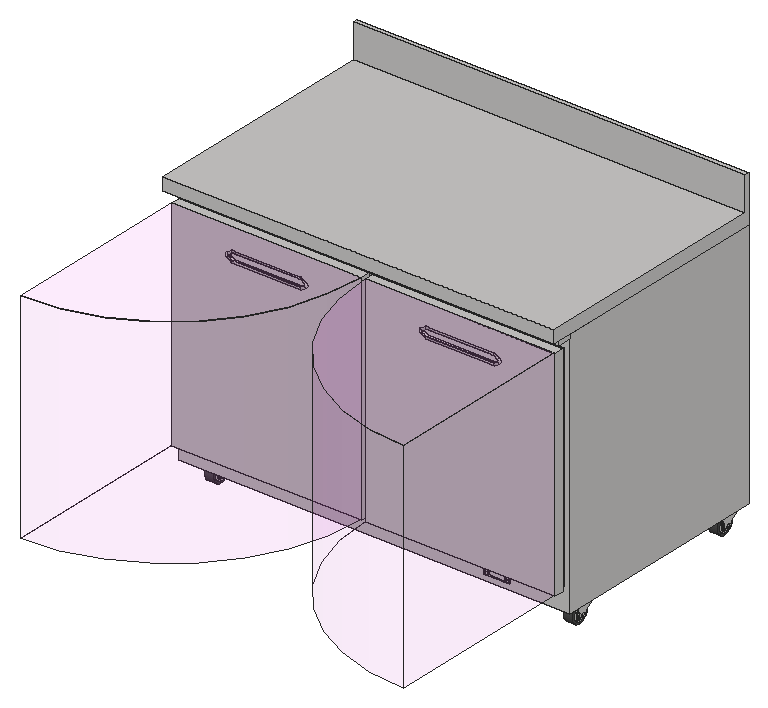
Revit family "QF_Kelvinator_738300_KCHUCWT48R_2-Door_Refrigerated_Work_Top_48_Long", category Specialty Equipment, Revit 2021
Family settings
  Round Connector Dimension = Use Diameter
  Part Type = Normal
  Work Plane-Based = No
  Always vertical = Yes
  Cut with Voids When Loaded = No
  Shared = No
  Room Calculation Point = No
Parameters
  Weight in Pounds = 213.848
  Watts = 300 W
  Volts = 115 V
  URL Cutsheet = ""
  Specification by User = ""
  Specification by Manufacturer = ""
  Serial Number = ""
  Seismic Rating = ""
  SMACNA No = ""
  Revision Code = ""
  Refrigerant Type = "R600a"
  Phase = 1
  Number of Poles = 1
  NAFEM Spec ID Number = ""
  Model = "738300 (KCHUCWT48R)"
  Min Ckt Ampacity = 0 A
  Max Overcurrent Protection = 0 A
  Masterspec = ""
  Manufacturer = "Kelvinator Commercial"
  Length = 48.228"
  Item Number = "738300"
  Installed By = ""
  Identify Quantity as Lot = yes
  Height = 39.646"
  HP = "1/8"
  Furnished By = ""
  Foodservice Equipment Identifier = yes
  FL Amps = 3 A
  Electrical Remarks = ""
  Electric Connection Type = ""
  Elec Conn RI Height = 0.000"
  Elec Conn Connection Height = 0.000"
  Description = "2-Door Refrigerated Work Top 48\" Long"
  Depth = 29.921"
  Default Elevation = 0.000"
  Cycle = 60 Hz
  Conn Plug = "5-15P"
  Conn Conduit = yes
  CSI MasterFormat = ""
  Apparent Power = 0 VA
Reference planes (in)
  plane 1 "BACK": y = 0
  plane 2: z = 0
  plane 3 "LEFT": x = 0
  plane 4 "RIGHT": x = 48.228
  plane 5 "FRONT": y = -29.921
  plane 6 "TOP": z = 39.646
  plane 7 "Center Y": x = 24.114
  plane 8 "Center X": y = -14.9605
Dimensions and locks (in)
  equal spacing: plane 3 "LEFT", plane 7 "Center Y", plane 4 "RIGHT"
  "Length": plane 3 "LEFT" to plane 4 "RIGHT"
  equal spacing: plane 5 "FRONT", plane 8 "Center X", plane 1 "BACK"
  "Depth": plane 5 "FRONT" to plane 1 "BACK"
  "Height": plane 6 "TOP" to level
  aligned and locked: level to plane 2
Nested families (in)
  nested 1: "KCHST.0001" at (0, 0, 0), type "KCHST.0001"
    with Show Clearance yes
Connectors (in)
  electrical at (24.103, -0.87772, 2.31881), driven by "Volts", driven by "Watts"
    settings: on nested 1, index 1, voltage 115 V, apparent load 300 VA, apparent load phase1 0 VA, apparent load phase2 0 VA, apparent load phase3 0 VA, power factor 1, load classification "Other", number of poles 1, system type 30, power factor state 1, is connector primary yes, connector utility no, sub classification motor no, connector description ""
Definition of nested family "KCHST.0001"
  Parameters (values of type "KCHST.0001")
    Weight in Pounds = 0
    URL Cutsheet = ""
    Specification by User = ""
    Specification by Manufacturer = ""
    Show Clearance [instance] = yes
    Serial Number = ""
    Seismic Rating = ""
    SMACNA No = ""
    Revision Code = ""
    NAFEM Spec ID Number = ""
    Masterspec = ""
    Length = 48.228"
    Item Number = ""
    Installed By = ""
    Identify Quantity as Lot = yes
    Height = 39.646"
    Furnished By = ""
    Foodservice Equipment Identifier = yes
    Depth = 29.921"
    Default Elevation = 0.000"
    CSI MasterFormat = ""
  Reference planes (in)
    plane 1 "BACK": y = 0
    plane 2: z = 0
    plane 3 "LEFT": x = 0
    plane 4 "RIGHT": x = 48.228
    plane 5 "FRONT": y = -29.921
    plane 6 "TOP": z = 39.646
    plane 7 "Center Y": x = 24.114
    plane 8 "Center X": y = -14.9605
    plane 9: z = 3.1
    plane 10: z = 33.9
    plane 11: y = -56
    plane 12: y = -29.2
    plane 13: z = 32.4
    plane 14: z = 5.6
    plane 15: y = -27.5
    plane 16: x = 46.228
    plane 17: x = 2
    plane 18: x = 47.728
    plane 19: x = 0.5
    plane 20: z = 35.5
    plane 21: y = -27.2
    plane 22: x = 23.875
    plane 23: x = 24.375
    plane 24: x = 12.19362
  Forms (in)
    Extrusion 1, solid
      sketch origin (0, 0, 0) x (0, 1, 0) y (0, 0, 1)
        loop
          line (-27.5, 33.9) -> (-27.5, 3.1) -> (0, 3.1) -> (0, 33.9) -> (-27.5, 33.9)
      from 0 to 48.228
    Extrusion 2, solid
      sketch origin (0, 0, 0) x (0, 1, 0) y (0, 0, 1)
        loop
          line (-0.48673, 39.646) -> (-0.48673, 35.5) -> (-29.921, 35.5) -> (-29.921, 33.9) -> (0, 33.9) -> (0, 39.646) -> (-0.48673, 39.646)
      from 0 to 48.228
    Extrusion 3, solid
      sketch origin (0, 0, 0) x (0, 1, 0) y (0, 0, 1)
        loop
          line (-29.2, 33.9) -> (-29.2, 33.4) -> (-27.5, 33.4) -> (-27.5, 33.9) -> (-29.2, 33.9)
      from 0 to 48.228
    Extrusion 4, solid
      sketch origin (24.114, 6.90541, 48) x (0, 1, 0) y (0, 0, 1)
        loop
          line (-36.10541, -15.6) -> (-36.10541, -42.4) -> (-34.95211, -42.4) -> (-34.95211, -15.6) -> (-36.10541, -15.6)
      from -0.25 to -23.614
    Extrusion 5, solid
      sketch origin (0, 0, 0) x (0, 1, 0) y (0, 0, 1)
        loop
          line (-28.04671, 32.20449) -> (-28.04671, 5.81322) -> (-27.79671, 5.81322) -> (-27.79671, 32.20449) -> (-28.04671, 32.20449)
      from 0.74536 to 23.64188
    Extrusion 6, solid
      sketch origin (0, 0.25, 0) x (0, 1, 0) y (0, 0, 1)
        loop
          line (-28.04671, 32.20449) -> (-28.04671, 5.81322) -> (-27.864, 5.81322) -> (-27.864, 32.20449) -> (-28.04671, 32.20449)
      from 0.74536 to 23.64188
    Extrusion 7, solid
      sketch origin (0, 0.4327, 0) x (0, 1, 0) y (0, 0, 1)
        loop
          line (-28.04671, 32.20449) -> (-28.04671, 5.81322) -> (-27.9327, 5.81322) -> (-27.9327, 32.20449) -> (-28.04671, 32.20449)
      from 0.74536 to 23.64188
    Extrusion 8, solid
      sketch origin (-4.97957, -27.5, -4.77927) x (-1, 0, 0) y (0, 0, 1)
        loop
          line (-42.65333, 9.70772) -> (-45.80293, 9.70772) -> (-45.80293, 8.52662) -> (-42.65333, 8.52662) -> (-42.65333, 9.70772)
        loop
          line (-42.73207, 9.63107) -> (-43.12577, 9.63107) -> (-43.12577, 9.31193) -> (-42.73207, 9.31193) -> (-42.73207, 9.63107)
        loop
          line (-42.73207, 9.27674) -> (-43.12577, 9.27674) -> (-43.12577, 8.9576) -> (-42.73207, 8.9576) -> (-42.73207, 9.27674)
        loop
          line (-42.73207, 8.92241) -> (-43.12577, 8.92241) -> (-43.12577, 8.60327) -> (-42.73207, 8.60327) -> (-42.73207, 8.92241)
        loop
          line (-45.72419, 9.63107) -> (-45.72419, 9.31193) -> (-45.33049, 9.31193) -> (-45.33049, 9.63107) -> (-45.72419, 9.63107)
        loop
          line (-45.72419, 9.27674) -> (-45.72419, 8.9576) -> (-45.33049, 8.9576) -> (-45.33049, 9.27674) -> (-45.72419, 9.27674)
        loop
          line (-45.72419, 8.92241) -> (-45.72419, 8.60327) -> (-45.33049, 8.60327) -> (-45.33049, 8.92241) -> (-45.72419, 8.92241)
        loop
          line (-43.20325, 9.63107) -> (-45.25301, 9.63107) -> (-45.25301, 8.60716) -> (-43.20325, 8.60716) -> (-43.20325, 9.63107)
      from 0.07874 to -0.04602
    Extrusion 9, solid
      sketch origin (-4.97957, -27.54602, -4.77927) x (1, 0, 0) y (0, 0, 1)
        loop
          line (45.33049, 9.63107) -> (45.33049, 9.31193) -> (45.72419, 9.31193) -> (45.72419, 9.63107) -> (45.33049, 9.63107)
        loop
          line (45.33049, 9.27674) -> (45.33049, 8.9576) -> (45.72419, 8.9576) -> (45.72419, 9.27674) -> (45.33049, 9.27674)
        loop
          line (45.33049, 8.92241) -> (45.33049, 8.60327) -> (45.72419, 8.60327) -> (45.72419, 8.92241) -> (45.33049, 8.92241)
        loop
          line (43.12577, 9.63107) -> (42.73207, 9.63107) -> (42.73207, 9.31193) -> (43.12577, 9.31193) -> (43.12577, 9.63107)
        loop
          line (43.12577, 9.27674) -> (42.73207, 9.27674) -> (42.73207, 8.9576) -> (43.12577, 8.9576) -> (43.12577, 9.27674)
        loop
          line (43.12577, 8.92241) -> (42.73207, 8.92241) -> (42.73207, 8.60327) -> (43.12577, 8.60327) -> (43.12577, 8.92241)
      from 0 to -0.07874
    Extrusion 10, solid
      sketch origin (-4.97957, -27.54602, -4.77927) x (1, 0, 0) y (0, 0, 1)
        loop
          line (43.20325, 9.63107) -> (43.20325, 8.60716) -> (45.25301, 8.60716) -> (45.25301, 9.63107) -> (43.20325, 9.63107)
      from 0 to -0.07874
    Extrusion 11, void
      sketch origin (-4.97957, -27.5, -4.77927) x (-1, 0, 0) y (0, 0, 1)
        loop
          line (-42.65333, 9.70772) -> (-45.80293, 9.70772) -> (-45.80293, 8.52662) -> (-42.65333, 8.52662) -> (-42.65333, 9.70772)
      from 0 to 0.07874
    Extrusion 12, void
      sketch origin (-37.39706, -29.19996, 31.5181) x (0, 0, 1) y (1, 0, 0)
        loop
          line (-1.94791, 45.41568) -> (-1.94791, 53.76568) -> (-2.28604, 54.30668)
          arc (-2.28604, 54.30668) -> (-2.38541, 54.36176) -> (-2.48479, 54.30668) r 0.11719
          line (-2.48479, 54.30668) -> (-2.82291, 53.76568) -> (-2.82291, 45.41568) -> (-2.48621, 44.87696)
          arc (-2.48621, 44.87696) -> (-2.38541, 44.82109) -> (-2.28462, 44.87696) r 0.11887
          line (-2.28462, 44.87696) -> (-1.94791, 45.41568)
      from 0 to 0.31887
    Sweep 13, solid
      path origin (-37.39706, -26.39996, 31.5181) x (0, 0, -1) y (1, 0, 0)
        loop
          line (2.82291, 53.76568) -> (2.48479, 54.30668)
          arc (2.48479, 54.30668) -> (2.38541, 54.36176) -> (2.28604, 54.30668) r 0.11719
          line (2.28604, 54.30668) -> (1.94791, 53.76568) -> (1.94791, 45.41568) -> (2.28462, 44.87696)
          arc (2.28462, 44.87696) -> (2.38541, 44.82109) -> (2.48621, 44.87696) r 0.11887
          line (2.48621, 44.87696) -> (2.82291, 45.41568) -> (2.82291, 53.76568)
      profile origin (12.19362, -26.39996, 28.69519) x (0, 0, -1) y (0, -1, 0)
        loop
          line (0, 2.8) -> (0.25, 2.8)
          arc (0.25, 2.8) -> (0.125, 2.85269) -> (0, 2.8) r 0.17461
    Extrusion 14, solid
      sketch origin (-9.65625, -3.56521, 3.1) x (-1, 0, 0) y (0, 1, 0)
        loop
          circle (-33.75925, 2.68749) r 0.25
      from 0 to 0.78119
    Extrusion 15, solid
      sketch origin (24.114, 6.90541, 48) x (0, 1, 0) y (0, 0, -1)
        loop
          line (-36.10541, 15.6) -> (-34.95211, 15.6) -> (-34.95211, 42.4) -> (-36.10541, 42.4) -> (-36.10541, 15.6)
      from -0.25 to -23.625
    Extrusion 16, solid
      sketch origin (48.25, 0, 0) x (0, 1, 0) y (0, 0, -1)
        loop
          line (-28.04671, -32.20449) -> (-27.79671, -32.20449) -> (-27.79671, -5.81322) -> (-28.04671, -5.81322) -> (-28.04671, -32.20449)
      from 0.74536 to 23.64188
    Extrusion 17, solid
      sketch origin (48.25, 0.25, 0) x (0, 1, 0) y (0, 0, -1)
        loop
          line (-28.04671, -32.20449) -> (-27.864, -32.20449) -> (-27.864, -5.81322) -> (-28.04671, -5.81322) -> (-28.04671, -32.20449)
      from 0.74536 to 23.64188
    Extrusion 18, solid
      sketch origin (48.25, 0.4327, 0) x (0, 1, 0) y (0, 0, -1)
        loop
          line (-28.04671, -32.20449) -> (-27.9327, -32.20449) -> (-27.9327, -5.81322) -> (-28.04671, -5.81322) -> (-28.04671, -32.20449)
      from 0.74536 to 23.64188
    Extrusion 19, void
      sketch origin (85.64706, -29.19996, 31.5181) x (0, 0, 1) y (1, 0, 0)
        loop
          line (-1.94791, -45.43768) -> (-2.28462, -44.89896)
          arc (-2.28462, -44.89896) -> (-2.38541, -44.84309) -> (-2.48621, -44.89896) r 0.11887
          line (-2.48621, -44.89896) -> (-2.82291, -45.43768) -> (-2.82291, -53.76568) -> (-2.48479, -54.30668)
          arc (-2.48479, -54.30668) -> (-2.38541, -54.36176) -> (-2.28604, -54.30668) r 0.11719
          line (-2.28604, -54.30668) -> (-1.94791, -53.76568) -> (-1.94791, -45.43768)
      from 0 to 0.31887
    Sweep 20, solid
      path origin (85.64706, -26.39996, 31.5181) x (0, 0, -1) y (1, 0, 0)
        loop
          line (2.82291, -53.76568) -> (2.82291, -45.43768) -> (2.48621, -44.89896)
          arc (2.48621, -44.89896) -> (2.38541, -44.84309) -> (2.28462, -44.89896) r 0.11887
          line (2.28462, -44.89896) -> (1.94791, -45.43768) -> (1.94791, -53.76568) -> (2.28604, -54.30668)
          arc (2.28604, -54.30668) -> (2.38541, -54.36176) -> (2.48479, -54.30668) r 0.11719
          line (2.48479, -54.30668) -> (2.82291, -53.76568)
      profile origin (36.04538, -26.39996, 28.69519) x (0, 0, 1) y (0, -1, 0)
        loop
          arc (0, 2.8) -> (-0.125, 2.85269) -> (-0.25, 2.8) r 0.17461
          line (-0.25, 2.8) -> (0, 2.8)
    Extrusion 21, solid, visible <- "Show Clearance"
      sketch origin (0, 9.61225, 5.6) x (1, 0, 0) y (0, -1, 0)
        loop
          arc (23.875, 38.81225) -> (17.02862, 55.34087) -> (0.5, 62.18725) r 23.375
          line (0.5, 62.18725) -> (0.5, 38.81225) -> (23.875, 38.81225)
        loop
          line (24.375, 38.81225) -> (47.728, 38.81225) -> (47.728, 62.16525)
          arc (47.728, 62.16525) -> (31.21494, 55.32532) -> (24.375, 38.81225) r 23.353
      from 0 to -26.8
  Cuts and joins
    Extrusion 11 cuts Extrusion 8
    Extrusion 12, Extrusion 19 cuts Extrusion 4
    Extrusion 19 cuts Extrusion 15
  Lines and regions (in)
    symbolic lines
      curve 1: line (48.228, -29.921, 0) -> (48.228, 0, 0)
      curve 2: line (48.228, 0, 0) -> (0, 0, 0)
      curve 3: line (0, 0, 0) -> (0, -29.921, 0)
      curve 4: line (0, -29.921, 0) -> (48.228, -29.921, 0)
      curve 5: line (0, -0.48673, 0) -> (48.228, -0.48673, 0)
    symbolic lines, visible <- "Show Clearance"
      curve 6: arc (23.85524, -29.921, 0) -> (22.88671, -35.89494, 0) -> (20.41644, -41.41976, 0) r 23.36637
      curve 7: arc (27.83356, -41.42908, 0) -> (25.35743, -35.90048, 0) -> (24.38664, -29.921, 0) r 23.3525
      curve 8: line (0.5, -29.921, 0) -> (20.41644, -41.41976, 0)
      curve 9: line (47.728, -29.921, 0) -> (27.83356, -41.42908, 0)
  Dimensions and locks (in)
    equal spacing: plane 3 "LEFT", plane 7 "Center Y", plane 4 "RIGHT"
    "Length": plane 3 "LEFT" to plane 4 "RIGHT"
    equal spacing: plane 5 "FRONT", plane 8 "Center X", plane 1 "BACK"
    "Depth": plane 5 "FRONT" to plane 1 "BACK"
    "Height": plane 6 "TOP" to level
    level to plane 9 = 3.100"
    plane 10 to plane 9 = 30.800"
    plane 11 to plane 1 "BACK" = 56.000"
    plane 14 to plane 13 = 26.800"
    locked: plane 4 "RIGHT" to plane 16 at 2
    locked: plane 3 "LEFT" to plane 17 at 2
    locked: plane 19 to plane 3 "LEFT" at 0.5
    locked: plane 18 to plane 4 "RIGHT" at 0.5
    plane 3 "LEFT" to plane 4 "RIGHT" = 48.228"
    plane 20 to level = 35.500"
    plane 6 "TOP" to plane 20 = 4.146"
    plane 5 "FRONT" to plane 1 "BACK" = 29.921"
    plane 21 to plane 1 "BACK" = 27.200"
    plane 9 to plane 20 = 32.400"
    aligned and locked: level to plane 2
    aligned and locked: plane 16 to nested 1
    aligned and locked: nested 2 to plane 17
    aligned and locked: Extrusion 1 to plane 4 "RIGHT"
    aligned and locked: plane 4 "RIGHT" to Extrusion 1
    aligned and locked: Extrusion 3 to plane 4 "RIGHT"
    aligned and locked: Extrusion 2 to plane 4 "RIGHT"
    aligned and locked: cut or joined group of Extrusion 4, Extrusion 12, Extrusion 19 to plane 19
    aligned and locked: plane 16 to nested 3
    aligned and locked: Extrusion 6 to Extrusion 5
    aligned and locked: Extrusion 7 to Extrusion 5
    aligned and locked: Extrusion 17 to Extrusion 16
    aligned and locked: Extrusion 18 to Extrusion 16
  Automatic sketch dimensions
    plane 9 to Extrusion 1 sketch curve = 0.000"
    Extrusion 1 sketch curve to plane 15 = 0.000"
    Extrusion 1 sketch curve to plane 1 "BACK" = 0.000"
    Extrusion 1 sketch curve to plane 10 = 0.000"
    Extrusion 2 sketch curve to plane 5 "FRONT" = 0.000"
    Extrusion 2 sketch curve to plane 20 = 0.000"
    Extrusion 2 sketch curve to plane 6 "TOP" = 0.000"
    Extrusion 2 sketch curve to plane 1 "BACK" = 0.000"
    Extrusion 2 sketch curve to plane 10 = 0.000"
    plane 1 "BACK" to Extrusion 2 sketch curve = 0.48673"
    Extrusion 3 sketch curve to plane 10 = 0.000"
    Extrusion 3 sketch curve to plane 12 = 0.000"
    Extrusion 3 sketch curve to plane 15 = 0.000"
    Extrusion 3 sketch curve to Extrusion 3 sketch curve = 0.500"
    Extrusion 4 sketch curve to plane 12 = 0.000"
    plane 14 to Extrusion 4 sketch curve = 0.000"
    plane 13 to Extrusion 4 sketch curve = 0.000"
    Extrusion 4 sketch curve to plane 15 = 0.54671"
    Extrusion 5 sketch curve to plane 14 = 0.21322"
    Extrusion 5 sketch curve to plane 15 = 0.54671"
    Extrusion 5 sketch curve to Extrusion 5 sketch curve = 0.250"
    plane 13 to Extrusion 5 sketch curve = 0.19551"
    Extrusion 6 sketch curve to plane 15 = 0.29671"
    Extrusion 6 sketch curve to plane 15 = 0.114"
    Extrusion 6 sketch curve to plane 14 = 0.21322"
    plane 13 to Extrusion 6 sketch curve = 0.19551"
    Extrusion 7 sketch curve to plane 15 = 0.000"
    Extrusion 7 sketch curve to Extrusion 7 sketch curve = 0.114"
    Extrusion 7 sketch curve to plane 14 = 0.21322"
    plane 13 to Extrusion 7 sketch curve = 0.19551"
    plane 14 to Extrusion 8 sketch curve = 0.67154"
    Extrusion 8 sketch curve to plane 16 = 5.40464"
    Extrusion 8 sketch curve to Extrusion 8 sketch curve = 0.07874"  (x3)
    Extrusion 8 sketch curve to Extrusion 8 sketch curve = 0.000"  (x7)
    Extrusion 8 sketch curve to Extrusion 8 sketch curve = 0.3937"  (x2)
    Extrusion 8 sketch curve to Extrusion 8 sketch curve = 0.07748"  (x3)
    Extrusion 8 sketch curve to plane 9 = 0.72789"
    Extrusion 8 sketch curve to Extrusion 8 sketch curve = 2.04976"
    Extrusion 8 sketch curve to Extrusion 8 sketch curve = 0.00389"  (x2)
    Extrusion 8 sketch curve to Extrusion 8 sketch curve = 0.07665"  (x3)
    Extrusion 8 sketch curve to Extrusion 8 sketch curve = 0.31914"  (x4)
    Extrusion 8 sketch curve to Extrusion 8 sketch curve = 0.03519"  (x4)
    Extrusion 8 to Extrusion 9 sketch curve = 0.000"  (x10)
    Extrusion 9 sketch curve to Extrusion 8 = 0.000"  (x14)
    Extrusion 10 sketch curve to Extrusion 8 = 0.000"  (x3)
    Extrusion 8 to Extrusion 10 sketch curve = 0.000"
    plane 14 to Extrusion 11 sketch curve = 0.67154"
    Extrusion 11 sketch curve to plane 16 = 5.40464"
    Extrusion 11 sketch curve to plane 9 = 0.64735"
    Extrusion 11 sketch curve to Extrusion 11 sketch curve = 3.14961"
    plane 13 to Extrusion 12 sketch curve = 3.70481"
    Extrusion 12 sketch curve to Extrusion 12 sketch curve = 0.3367"
    Extrusion 12 sketch curve to Extrusion 12 sketch curve = 0.33813"  (x2)
    Extrusion 12 sketch curve to Extrusion 12 sketch curve = 0.09937"  (x2)
    Extrusion 12 sketch curve to Extrusion 12 sketch curve = 0.1008"  (x2)
    Extrusion 12 sketch curve to plane 24 = 4.71372"
    Extrusion 12 sketch curve to Extrusion 12 sketch curve = 0.063"
    Extrusion 12 sketch curve to Extrusion 12 sketch curve = 0.53872"  (x2)
    plane 24 to Extrusion 12 sketch curve = 4.175"
    Extrusion 12 sketch curve to Extrusion 12 sketch curve = 0.000"
    Extrusion 12 sketch curve to Extrusion 12 sketch curve = 0.47889"
    Extrusion 12 sketch curve to Extrusion 12 sketch curve = 0.06211"
    plane 13 to Sweep 13 sketch curve = 2.82981"
    Sweep 13 sketch curve to Sweep 13 sketch curve = 0.3367"
    Sweep 13 sketch curve to Sweep 13 sketch curve = 0.33813"  (x2)
    Sweep 13 sketch curve to Sweep 13 sketch curve = 0.09937"  (x2)
    Sweep 13 sketch curve to Sweep 13 sketch curve = 0.1008"  (x2)
    Sweep 13 sketch curve to plane 24 = 4.71372"
    Sweep 13 sketch curve to Sweep 13 sketch curve = 0.063"
    Sweep 13 sketch curve to Sweep 13 sketch curve = 0.53872"  (x2)
    plane 24 to Sweep 13 sketch curve = 4.175"
    Sweep 13 sketch curve to Sweep 13 sketch curve = 0.000"
    Sweep 13 sketch curve to Sweep 13 sketch curve = 0.47889"
    Sweep 13 sketch curve to Sweep 13 sketch curve = 0.06211"
    Sweep 13 sketch curve to profile plane = 0.000"
    Sweep 13 sketch curve to profile plane = 0.125"
    profile plane to Sweep 13 sketch curve = 2.67809"
    Sweep 13 sketch curve to Sweep 13 sketch curve = 0.12191"
    Extrusion 15 sketch curve to plane 12 = 0.000"
    plane 14 to Extrusion 15 sketch curve = 0.000"
    plane 13 to Extrusion 15 sketch curve = 0.000"
    Extrusion 15 sketch curve to plane 15 = 0.54671"
    Extrusion 16 sketch curve to plane 14 = 0.21322"
    Extrusion 16 sketch curve to plane 15 = 0.54671"
    Extrusion 16 sketch curve to Extrusion 16 sketch curve = 0.250"
    plane 13 to Extrusion 16 sketch curve = 0.19551"
    Extrusion 17 sketch curve to plane 15 = 0.29671"
    Extrusion 17 sketch curve to plane 15 = 0.114"
    plane 13 to Extrusion 17 sketch curve = 0.19551"
    Extrusion 17 sketch curve to plane 14 = 0.21322"
    Extrusion 18 sketch curve to plane 15 = 0.000"
    Extrusion 18 sketch curve to Extrusion 18 sketch curve = 0.114"
    plane 13 to Extrusion 18 sketch curve = 0.19551"
    Extrusion 18 sketch curve to plane 14 = 0.21322"
    plane 13 to Extrusion 19 sketch curve = 3.70481"
    Extrusion 19 sketch curve to Extrusion 19 sketch curve = 0.3367"
    Extrusion 19 sketch curve to Extrusion 19 sketch curve = 0.33813"  (x2)
    Extrusion 19 sketch curve to Extrusion 19 sketch curve = 0.09937"  (x2)
    Extrusion 19 sketch curve to Extrusion 19 sketch curve = 0.1008"  (x2)
    Extrusion 19 sketch curve to plane 23 = 6.96538"
    Extrusion 19 sketch curve to Extrusion 19 sketch curve = 0.06211"
    Extrusion 19 sketch curve to Extrusion 19 sketch curve = 0.541"  (x2)
    Extrusion 19 sketch curve to plane 16 = 6.01862"
    Extrusion 19 sketch curve to Extrusion 19 sketch curve = 0.000"
    Extrusion 19 sketch curve to Extrusion 19 sketch curve = 0.47572"
    Extrusion 19 sketch curve to Extrusion 19 sketch curve = 0.063"
    plane 13 to Sweep 20 sketch curve = 2.82981"
    Sweep 20 sketch curve to Sweep 20 sketch curve = 0.3367"
    Sweep 20 sketch curve to Sweep 20 sketch curve = 0.33813"  (x2)
    Sweep 20 sketch curve to Sweep 20 sketch curve = 0.09937"  (x2)
    Sweep 20 sketch curve to Sweep 20 sketch curve = 0.1008"  (x2)
    Sweep 20 sketch curve to plane 23 = 6.96538"
    Sweep 20 sketch curve to Sweep 20 sketch curve = 0.06211"
    Sweep 20 sketch curve to Sweep 20 sketch curve = 0.541"  (x2)
    Sweep 20 sketch curve to plane 16 = 6.01862"
    Sweep 20 sketch curve to Sweep 20 sketch curve = 0.000"
    Sweep 20 sketch curve to Sweep 20 sketch curve = 0.47572"
    Sweep 20 sketch curve to Sweep 20 sketch curve = 0.063"
    profile plane to Sweep 20 sketch curve = 0.000"
    profile plane to Sweep 20 sketch curve = 0.125"
    profile plane to Sweep 20 sketch curve = 2.67809"
    Sweep 20 sketch curve to Sweep 20 sketch curve = 0.12191"
    Extrusion 1 to Extrusion 14 sketch curve = 0.87772"
    Extrusion 14 sketch curve to Extrusion 1 = 24.125"
    Extrusion 21 sketch curve to plane 12 = 0.000"  (x2)
    Extrusion 21 sketch curve to plane 19 = 0.000"
    Extrusion 21 sketch curve to plane 22 = 0.000"
    Extrusion 21 sketch curve to plane 23 = 0.000"
    Extrusion 21 sketch curve to plane 18 = 0.000"
    curve 5 to plane 3 "LEFT" = 0.000"
    plane 5 "FRONT" to curve 8 = 0.000"
    curve 8 to plane 19 = 0.000"
    curve 6 to plane 12 = 0.000"
    curve 6 to plane 19 = 0.000"
    curve 7 to plane 12 = 0.000"
    curve 7 to plane 18 = 0.000"
    curve 9 to plane 18 = 0.000"
    plane 1 "BACK" to curve 2 = 0.000"
    curve 2 to plane 4 "RIGHT" = 0.000"
    curve 8 to plane 22 = 3.45856"
    plane 5 "FRONT" to curve 8 = 11.49876"
    curve 7 to plane 23 = 0.01164"
    curve 9 to plane 23 = 3.45856"
    plane 1 "BACK" to curve 5 = 0.48673"
    radius of Extrusion 14 sketch curve = 0.250"
  Nested families (in)
    nested 1: "3 INCHES 01_CASTER" at (46.228, -24.75, 0), type "3 INCHES 01_CASTER"
      with Type Mark "", Specification by User "", Revision Code "", Item Number "", Installed By "", Identify Quantity as Lot yes, Furnished By "", Foodservice Equipment Identifier yes, 3 Inches Caster yes
    nested 2: "3 INCHES 01_CASTER" at (2, -24.75, 0), type "3 INCHES 01_CASTER"
      with Type Mark "", Specification by User "", Revision Code "", Item Number "", Installed By "", Identify Quantity as Lot yes, Furnished By "", Foodservice Equipment Identifier yes, 3 Inches Caster yes
    nested 3: "3 INCHES 01_CASTER" at (46.228, -2.375, 0), type "3 INCHES 01_CASTER"
      with Type Mark "", Specification by User "", Revision Code "", Item Number "", Installed By "", Identify Quantity as Lot yes, Furnished By "", Foodservice Equipment Identifier yes, 3 Inches Caster yes
    nested 4: "3 INCHES 01_CASTER" at (2, -2.375, 0), type "3 INCHES 01_CASTER"
      with Type Mark "", Specification by User "", Revision Code "", Item Number "", Installed By "", Identify Quantity as Lot yes, Furnished By "", Foodservice Equipment Identifier yes, 3 Inches Caster yes
  Definition of nested family "3 INCHES 01_CASTER"
    Parameters (values of type "3 INCHES 01_CASTER")
      Weight = ""
      URL Manufacturer = ""
      URL Cutsheet = ""
      URL = ""
      Type Mark [instance] = ""
      Specification by User [instance] = ""
      Specification by Manufacturer = ""
      Serial Number = ""
      Seismic Rating = ""
      SMACNA No = ""
      Revision Code [instance] = ""
      Omniclass Number and Title = ""
      NAFEM Spec ID Number = ""
      Model = ""
      MasterSpec. = ""
      Manufacturer = ""
      Item Number [instance] = ""
      Installed By [instance] = ""
      Identify Quantity as Lot [instance] = yes
      Furnished By [instance] = ""
      Foodservice Equipment Identifier [instance] = yes
      Description = ""
      Default Elevation = 0.000"
      CSI MasterFormat = ""
      CSI Master Format = ""
      Assembly Code = ""
      3 Inches Caster [instance] = yes
    Reference planes (in)
      plane 1: z = 0
      plane 2 "RIGHT": x = 0
      plane 3 "FRONT": y = 0
      plane 4 "TOP": z = 3.1
    Forms (in)
      Revolve 1, solid, visible <- "3 Inches Caster"
        sketch origin (-1.93794, 0.56004, -1.0041) x (1, 0, 0) y (0, 0, 1)
          loop
            line (0.74055, 2.11347) -> (0.74055, 2.03797) -> (0.79055, 1.98797) -> (0.85055, 1.98797) -> (0.85055, 1.8679) -> (1.235, 1.8679) -> (1.235, 1.7068) -> (1.36441, 1.63209) -> (1.4003, 1.41035) -> (1.34375, 1.41035) -> (1.34375, 1.28535) -> (1.375, 1.28535) -> (1.375, 1.0041) -> (2.48438, 1.0041) -> (2.48438, 1.28535) -> (2.51563, 1.28535) -> (2.51563, 1.41035) -> (2.45908, 1.41035) -> (2.49553, 1.6356) -> (2.62438, 1.70999) -> (2.62438, 1.8679) -> (3.04007, 1.8679) -> (3.04007, 1.98797) -> (3.10007, 1.98797) -> (3.15007, 2.03797) -> (3.15007, 2.11347) -> (0.74055, 2.11347)
          axis (0.74055, 2.11347) -> (3.15007, 2.11347)
        angle from 0 to 360
      Extrusion 2, solid, visible <- "3 Inches Caster"
        sketch origin (-1.93794, 1.35294, -3.2541) x (0, 1, 0) y (0, 0, 1)
          loop
            line (-0.41094, 5.86793) -> (-0.41094, 6.01276) -> (-2.29494, 6.01276) -> (-2.29494, 5.71244) -> (-1.82301, 5.71244)
            arc (-1.82301, 5.71244) -> (-1.00307, 5.59865) -> (-0.19592, 5.41488) r 9.6332
            arc (-0.19592, 5.41488) -> (0.12646, 5.29481) -> (0.42224, 5.11916) r 1.92059
            line (0.42224, 5.11916) -> (0.51314, 5.245)
            arc (0.51314, 5.245) -> (0.27353, 5.42569) -> (0.01201, 5.5729) r 2.25036
            line (0.01201, 5.5729) -> (0.09371, 5.71426)
            arc (0.09371, 5.71426) -> (-0.15272, 5.81043) -> (-0.41094, 5.86793) r 1.73151
        from 1.17357 to 2.70231
      Revolve 3, solid, visible <- "3 Inches Caster"
        sketch origin (0, 1.73858, -3.25) x (0, 1, 0) y (0, 0, 1)
          loop
            line (-1.73858, 6.35) -> (-1.73858, 6.00866) -> (-0.93293, 6.00866) -> (-0.93293, 6.35) -> (-1.73858, 6.35)
          axis (-1.73858, 6.00866) -> (-1.73858, 6.35)
        angle from 0 to 360
      Extrusion 4, solid, visible <- "3 Inches Caster"
        sketch origin (-1.98481, 1.35294, -1.7541) x (0, 1, 0) y (0, 0, 1)
          loop
            line (-2.29494, 4.51276) -> (-2.29494, 4.21244) -> (-2.2074, 4.21244)
            arc (-2.2074, 4.21244) -> (-1.58796, 3.87196) -> (-1.3103, 3.22193) r 1.0835
            arc (-1.3103, 3.22193) -> (-1.27304, 2.98711) -> (-1.19616, 2.76214) r 1.38462
            arc (-1.19616, 2.76214) -> (-0.77704, 2.49744) -> (-0.37393, 2.78593) r 0.44401
            arc (-0.37393, 2.78593) -> (-0.35491, 2.84407) -> (-0.34077, 2.90358) r 0.74034
            arc (-0.34077, 2.90358) -> (-0.07302, 3.38916) -> (0.4279, 3.62699) r 0.90376
            line (0.4279, 3.62699) -> (0.51314, 3.745)
            arc (0.51314, 3.745) -> (0.27353, 3.92569) -> (0.01201, 4.0729) r 2.25036
            line (0.01201, 4.0729) -> (0.09371, 4.21426)
            arc (0.09371, 4.21426) -> (-0.15272, 4.31043) -> (-0.41094, 4.36793) r 1.73151
            line (-0.41094, 4.36793) -> (-0.41094, 4.51276) -> (-2.29494, 4.51276)
        from 2.74918 to 2.90825
      Extrusion 5, solid, visible <- "3 Inches Caster"
        sketch origin (1.98481, 1.35294, -1.7541) x (0, 1, 0) y (0, 0, -1)
          loop
            line (-2.29494, -4.51276) -> (-0.41094, -4.51276) -> (-0.41094, -4.36793)
            arc (-0.41094, -4.36793) -> (-0.15272, -4.31043) -> (0.09371, -4.21426) r 1.73151
            line (0.09371, -4.21426) -> (0.01201, -4.0729)
            arc (0.01201, -4.0729) -> (0.27353, -3.92569) -> (0.51314, -3.745) r 2.25036
            line (0.51314, -3.745) -> (0.4279, -3.62699)
            arc (0.4279, -3.62699) -> (-0.07302, -3.38916) -> (-0.34077, -2.90358) r 0.90376
            arc (-0.34077, -2.90358) -> (-0.35491, -2.84407) -> (-0.37393, -2.78593) r 0.74034
            arc (-0.37393, -2.78593) -> (-0.77704, -2.49744) -> (-1.19616, -2.76214) r 0.44401
            arc (-1.19616, -2.76214) -> (-1.27304, -2.98711) -> (-1.3103, -3.22193) r 1.38462
            arc (-1.3103, -3.22193) -> (-1.58796, -3.87196) -> (-2.2074, -4.21244) r 1.0835
            line (-2.2074, -4.21244) -> (-2.29494, -4.21244) -> (-2.29494, -4.51276)
        from 2.74918 to 2.90825
    Cuts and joins
      joined: Extrusion 2, Extrusion 4, Extrusion 5
    Lines and regions (in)
      symbolic lines, visible <- "3 Inches Caster"
        curve 1: line (0.1877, 1.65194, 0) -> (0.89063, 1.2461, 0)
        curve 2: line (-1.00175, -0.40823, 0) -> (0.1877, 1.65194, 0)
        curve 3: line (-0.29881, -0.81407, 0) -> (-1.00175, -0.40823, 0)
        curve 4: line (0.89063, 1.2461, 0) -> (-0.29881, -0.81407, 0)
    Dimensions and locks (in)
      plane 4 "TOP" to level = 3.100"  (x2)
      aligned and locked: level to plane 1
